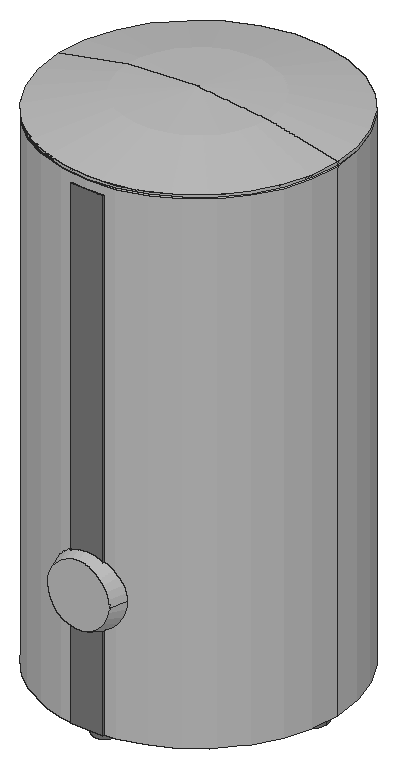
Revit family "VIESSMANN - Vitocell 100-B (CVB.CVBB)", category Wyposażenie mechaniczne, Revit 2017
Family settings
  Wymiar okrągłego złącza = Użyj średnicy
  Typ części = Normalny
  Numer OmniClass = 23.65.35.11.11
  Tytuł OmniClass = Storage Water Heaters
  Oparty na płaszczyźnie roboczej = Nie
  Zawsze pionowo = Tak
  Tnij formami wycięć po wczytaniu = Tak
  Współdzielony = Nie
  Punkt obliczania pomieszczeń = Nie
Parameters (values of type "Zbiornik CVB 400L")
  Średnica - z izolacją cieplną = 859 mm
  Średnica - bez izolacji cieplnej = 650 mm
  Wysokość przyłącza grzałki = 422 mm
  Wysokość króćca zimnej wody użytkowej = 107 mm
  Podział = Średnica z izolacją cieplną  # 859 mm
  Wysokość króćca powrotu wody grzewczej inst. solarnej = 349 mm
  Wysokość króćca zasilania wodą grzewczą inst. solarnej = 804 mm
  Wysokość króćca powrotu wody grzewczej = 924 mm
  Wysokość króćca cyrkulacji = 1044 mm
  Wysokość króćca zasilania wodą grzewczą = 1204 mm
  Wysokość króćca cwu = 1458 mm
  Wysokość z izolacją = 1624 mm
  Szerokość z izolacją = 923 mm
  Średnica z izolacją cieplną = 859 mm
  Zimna woda użytkowa = 1 1/4"
  Wysokość - z izolacją cieplną = 1948 mm
  Wysokość - bez izolacji cieplnej = 1844 mm
  Wymiar przechylenia - z izolacją cieplną = 0 mm
  Wymiar przechylenia - bez izolacji cieplnej = 1550 mm
  Wydajność stała (przy podgrzewie cwu z 10 na 60℃) i temperaturze na zasilaniu wodą grzewczą 90℃ - wężownica górna = 36000 W
  Wydajność stała (przy podgrzewie cwu z 10 na 60℃) i temperaturze na zasilaniu wodą grzewczą 90℃ - wężownica dolna = 56000 W
  Wydajność stała (przy podgrzewie cwu z 10 na 60℃) i temperaturze na zasilaniu wodą grzewczą 80℃ - wężownica górna = 27000 W
  Wydajność stała (przy podgrzewie cwu z 10 na 60℃) i temperaturze na zasilaniu wodą grzewczą 80℃ - wężownica dolna = 42000 W
  Wydajność stała (przy podgrzewie cwu z 10 na 60℃) i temperaturze na zasilaniu wodą grzewczą 70℃ - wężownica górna = 18000 W
  Wydajność stała (przy podgrzewie cwu z 10 na 60℃) i temperaturze na zasilaniu wodą grzewczą 70℃ - wężownica dolna = 29000 W
  Wydajność stała (przy podgrzewie cwu z 10 na 45℃) i temperaturze na zasilaniu wodą grzewczą 90℃ - wężownica górna = 42000 W
  Wydajność stała (przy podgrzewie cwu z 10 na 45℃) i temperaturze na zasilaniu wodą grzewczą 90℃ - wężownica dolna = 63000 W
  Wydajność stała (przy podgrzewie cwu z 10 na 45℃) i temperaturze na zasilaniu wodą grzewczą 80℃ - wężownica górna = 33000 W
  Wydajność stała (przy podgrzewie cwu z 10 na 45℃) i temperaturze na zasilaniu wodą grzewczą 80℃ - wężownica dolna = 52000 W
  Wydajność stała (przy podgrzewie cwu z 10 na 45℃) i temperaturze na zasilaniu wodą grzewczą 70℃ - wężownica górna = 25000 W
  Wydajność stała (przy podgrzewie cwu z 10 na 45℃) i temperaturze na zasilaniu wodą grzewczą 70℃ - wężownica dolna = 39000 W
  Wydajność stała (przy podgrzewie cwu z 10 na 45℃) i temperaturze na zasilaniu wodą grzewczą 60℃ - wężownica górna = 17000 W
  Wydajność stała (przy podgrzewie cwu z 10 na 45℃) i temperaturze na zasilaniu wodą grzewczą 60℃ - wężownica dolna = 27000 W
  Wydajność stała (przy podgrzewie cwu z 10 na 45℃) i temperaturze na zasilaniu wodą grzewczą 50℃ - wężownica górna = 10000 W
  Wydajność stała (przy podgrzewie cwu z 10 na 45℃) i temperaturze na zasilaniu wodą grzewczą 50℃ - wężownica dolna = 13000 W
  Wydajność krótkotrwała przy temperaturze na zasilaniu wodą grzewczą 90℃ = "230 L/10min"
  Wydajność krótkotrwała przy temperaturze na zasilaniu wodą grzewczą 80℃ = "230 L/10min"
  Wydajność krótkotrwała przy temperaturze na zasilaniu wodą grzewczą 70℃ = "210 L/10min"
  Współczynnik mocy NL przy temperaturze na zasilaniu wodą grzewczą 90℃ = 3
  Współczynnik mocy NL przy temperaturze na zasilaniu wodą grzewczą 80℃ = 3
  Współczynnik mocy NL przy temperaturze na zasilaniu wodą grzewczą 70℃ = 2.5
  Viessmann Kolor 3 = Viessmann Kolor 3
  Viessmann Kolor 2 = Viessmann Kolor 2
  Viessmann Kolor 1 = Viessmann Kolor 1
  URL = "https://www.viessmann-projektant.pl/baza-urzadzen/zbiorniki-buforowe-i-cwu/podgrzewaczebiwalentne"
  Szerokość - z izolacją cieplną = 923 mm
  Szerokość - bez izolacji cieplnej = 881 mm
  Przyłącza - górna wężownica grzewcza = 1"  # constant formula
  Przyłącza - grzałka elektryczna = 1 1/2"
  Przyłącza - dolna wężownica grzewcza = 1"
  Przepływ po stronie wody użytkowej = 1.032 m³/h
  Przepływ po stronie wody grzewczej - górna wężownica = 3.00 m³/h  # constant formula
  Przepływ po stronie wody grzewczej - dolna wężownica = 3.00 m³/h  # constant formula
  Przepływ objętościowy wody grzewczej (przy podgrzewie cwu z 10 na 60℃) przy temperaturze na zasilaniu wodą grzewczą 90℃ - wężownica górna = 0.619 m³/h
  Przepływ objętościowy wody grzewczej (przy podgrzewie cwu z 10 na 60℃) przy temperaturze na zasilaniu wodą grzewczą 90℃ - wężownica dolna = 0.963 m³/h
  Przepływ objętościowy wody grzewczej (przy podgrzewie cwu z 10 na 60℃) przy temperaturze na zasilaniu wodą grzewczą 80℃ - wężownica górna = 0.464 m³/h
  Przepływ objętościowy wody grzewczej (przy podgrzewie cwu z 10 na 60℃) przy temperaturze na zasilaniu wodą grzewczą 80℃ - wężownica dolna = 0.722 m³/h
  Przepływ objętościowy wody grzewczej (przy podgrzewie cwu z 10 na 60℃) przy temperaturze na zasilaniu wodą grzewczą 70℃ - wężownica górna = 0.31 m³/h
  Przepływ objętościowy wody grzewczej (przy podgrzewie cwu z 10 na 60℃) przy temperaturze na zasilaniu wodą grzewczą 70℃ - wężownica dolna = 0.499 m³/h
  Przepływ objętościowy wody grzewczej (przy podgrzewie cwu z 10 na 45℃) przy temperaturze na zasilaniu wodą grzewczą 90℃ - wężownica górna = 1.032 m³/h
  Przepływ objętościowy wody grzewczej (przy podgrzewie cwu z 10 na 45℃) przy temperaturze na zasilaniu wodą grzewczą 90℃ - wężownica dolna = 1.548 m³/h
  Przepływ objętościowy wody grzewczej (przy podgrzewie cwu z 10 na 45℃) przy temperaturze na zasilaniu wodą grzewczą 80℃ - wężownica górna = 0.811 m³/h
  Przepływ objętościowy wody grzewczej (przy podgrzewie cwu z 10 na 45℃) przy temperaturze na zasilaniu wodą grzewczą 80℃ - wężownica dolna = 1.278 m³/h
  Przepływ objętościowy wody grzewczej (przy podgrzewie cwu z 10 na 45℃) przy temperaturze na zasilaniu wodą grzewczą 70℃ - wężownica górna = 0.614 m³/h
  Przepływ objętościowy wody grzewczej (przy podgrzewie cwu z 10 na 45℃) przy temperaturze na zasilaniu wodą grzewczą 70℃ - wężownica dolna = 0.958 m³/h
  Przepływ objętościowy wody grzewczej (przy podgrzewie cwu z 10 na 45℃) przy temperaturze na zasilaniu wodą grzewczą 60℃ - wężownica górna = 0.418 m³/h
  Przepływ objętościowy wody grzewczej (przy podgrzewie cwu z 10 na 45℃) przy temperaturze na zasilaniu wodą grzewczą 60℃ - wężownica dolna = 0.663 m³/h
  Przepływ objętościowy wody grzewczej (przy podgrzewie cwu z 10 na 45℃) przy temperaturze na zasilaniu wodą grzewczą 50℃ - wężownica górna = 0.246 m³/h
  Przepływ objętościowy wody grzewczej (przy podgrzewie cwu z 10 na 45℃) przy temperaturze na zasilaniu wodą grzewczą 50℃ - wężownica dolna = 0.319 m³/h
  Przepływ objętościowy wody grzewczej (dla podanych wydajności stałych) = 3.00 m³/h  # constant formula
  Producent = "Viessmann Sp.z.o.o."  # constant formula
  Powierzchnia grzewcza - wężownica górna = 1.0 m²
  Powierzchnia grzewcza - wężownica dolna = 1.5 m²
  Pojemność podgrzewacza = 400.0 L
  Pojemność części dyżurnej Vaux = 167.00 m³
  Pojemność czesci solarnej Vsol = 233.00 m³
  Opory przepływu po stronie wody użytkowej = 200.0 Pa
  Opory przepływu po stronie wody grzewczej - górna wężownica = 18000.0 Pa
  Opory przepływu po stronie wody grzewczej - dolna wężownica = 12000.0 Pa
  Opis indeksowy = "9W241/11-13MC/E"  # constant formula
  Opis = "Podgrzewacz pojemnościowy"  # constant formula
  Objętość wody grzewczej - wężownica górna = 6.5 L
  Objętość wody grzewczej - wężownica dolna = 10.5 L
  Numer identyfikacyjny produktu = "9W241/11-13MC/E"  # constant formula
  Model = "Podgrzewacz pojemnościowy Viessmann Vitocell 100-B CVB 400L / Hot water storage tank Viessmann Vitocell 100-B CVB 400L"
  Masa całkowita z izolacją cieplną = 167.00 kg
  Maks. ilość pobierana przy temperaturze na zasilaniu wodą grzewczą 90℃ = "23 L/min"
  Maks. ilość pobierana przy temperaturze na zasilaniu wodą grzewczą 80℃ = "23 L/min"
  Maks. ilość pobierana przy temperaturze na zasilaniu wodą grzewczą 70℃ = "21 L/min"
  Klasa efektywności energetycznej = "B"  # constant formula
  Ilość ciepła dyżurnego = "1.80 kWh/24h"
  Czas podgrzewu cwu przy tempraturze zasilania wodą grzewczą 90℃ = "17 min"
  Czas podgrzewu cwu przy tempraturze zasilania wodą grzewczą 80℃ = "23 min"
  Czas podgrzewu cwu przy tempraturze zasilania wodą grzewczą 70℃ = "36 min"
  Cyrkulacja = 1"
  Ciepła woda użytkowa = 1 1/4"
  Całkowita masa eksploatacyjna z grzałką elektryczną = 569.00 kg
  Autor = "https://www.archispace.pl/"
Types (6, lengths in mm): name | Średnica - z izolacją cieplną | Średnica - bez izolacji cieplnej | Wysokość przyłącza grzałki | Wysokość króćca zimnej wody użytkowej | Podział | Wysokość króćca powrotu wody grzewczej inst. solarnej | Wysokość króćca zasilania wodą grzewczą inst. solarnej | Wysokość króćca powrotu wody grzewczej | Wysokość króćca cyrkulacji | Wysokość króćca zasilania wodą grzewczą | Wysokość króćca cwu | Wysokość z izolacją | Szerokość z izolacją | Średnica z izolacją cieplną | Zimna woda użytkowa | Wysokość - z izolacją cieplną | Wysokość - bez izolacji cieplnej | Wymiar przechylenia - z izolacją cieplną | Wymiar przechylenia - bez izolacji cieplnej | Wydajność stała (przy podgrzewie cwu z 10 na 60℃) i temperaturze na zasilaniu wodą grzewczą 90℃ - wężownica górna | Wydajność stała (przy podgrzewie cwu z 10 na 60℃) i temperaturze na zasilaniu wodą grzewczą 90℃ - wężownica dolna | Wydajność stała (przy podgrzewie cwu z 10 na 60℃) i temperaturze na zasilaniu wodą grzewczą 80℃ - wężownica górna | Wydajność stała (przy podgrzewie cwu z 10 na 60℃) i temperaturze na zasilaniu wodą grzewczą 80℃ - wężownica dolna | Wydajność stała (przy podgrzewie cwu z 10 na 60℃) i temperaturze na zasilaniu wodą grzewczą 70℃ - wężownica górna | Wydajność stała (przy podgrzewie cwu z 10 na 60℃) i temperaturze na zasilaniu wodą grzewczą 70℃ - wężownica dolna | Wydajność stała (przy podgrzewie cwu z 10 na 45℃) i temperaturze na zasilaniu wodą grzewczą 90℃ - wężownica górna | Wydajność stała (przy podgrzewie cwu z 10 na 45℃) i temperaturze na zasilaniu wodą grzewczą 90℃ - wężownica dolna | Wydajność stała (przy podgrzewie cwu z 10 na 45℃) i temperaturze na zasilaniu wodą grzewczą 80℃ - wężownica górna | Wydajność stała (przy podgrzewie cwu z 10 na 45℃) i temperaturze na zasilaniu wodą grzewczą 80℃ - wężownica dolna | Wydajność stała (przy podgrzewie cwu z 10 na 45℃) i temperaturze na zasilaniu wodą grzewczą 70℃ - wężownica górna | Wydajność stała (przy podgrzewie cwu z 10 na 45℃) i temperaturze na zasilaniu wodą grzewczą 70℃ - wężownica dolna | Wydajność stała (przy podgrzewie cwu z 10 na 45℃) i temperaturze na zasilaniu wodą grzewczą 60℃ - wężownica górna | Wydajność stała (przy podgrzewie cwu z 10 na 45℃) i temperaturze na zasilaniu wodą grzewczą 60℃ - wężownica dolna | Wydajność stała (przy podgrzewie cwu z 10 na 45℃) i temperaturze na zasilaniu wodą grzewczą 50℃ - wężownica górna | Wydajność stała (przy podgrzewie cwu z 10 na 45℃) i temperaturze na zasilaniu wodą grzewczą 50℃ - wężownica dolna | Wydajność krótkotrwała przy temperaturze na zasilaniu wodą grzewczą 90℃ | Wydajność krótkotrwała przy temperaturze na zasilaniu wodą grzewczą 80℃ | Wydajność krótkotrwała przy temperaturze na zasilaniu wodą grzewczą 70℃ | Współczynnik mocy NL przy temperaturze na zasilaniu wodą grzewczą 90℃ | Współczynnik mocy NL przy temperaturze na zasilaniu wodą grzewczą 80℃ | Współczynnik mocy NL przy temperaturze na zasilaniu wodą grzewczą 70℃ | Szerokość - z izolacją cieplną | Szerokość - bez izolacji cieplnej | Przyłącza - grzałka elektryczna | Przyłącza - dolna wężownica grzewcza | Przepływ po stronie wody użytkowej | Przepływ objętościowy wody grzewczej (przy podgrzewie cwu z 10 na 60℃) przy temperaturze na zasilaniu wodą grzewczą 90℃ - wężownica górna | Przepływ objętościowy wody grzewczej (przy podgrzewie cwu z 10 na 60℃) przy temperaturze na zasilaniu wodą grzewczą 90℃ - wężownica dolna | Przepływ objętościowy wody grzewczej (przy podgrzewie cwu z 10 na 60℃) przy temperaturze na zasilaniu wodą grzewczą 80℃ - wężownica górna | Przepływ objętościowy wody grzewczej (przy podgrzewie cwu z 10 na 60℃) przy temperaturze na zasilaniu wodą grzewczą 80℃ - wężownica dolna | Przepływ objętościowy wody grzewczej (przy podgrzewie cwu z 10 na 60℃) przy temperaturze na zasilaniu wodą grzewczą 70℃ - wężownica górna | Przepływ objętościowy wody grzewczej (przy podgrzewie cwu z 10 na 60℃) przy temperaturze na zasilaniu wodą grzewczą 70℃ - wężownica dolna | Przepływ objętościowy wody grzewczej (przy podgrzewie cwu z 10 na 45℃) przy temperaturze na zasilaniu wodą grzewczą 90℃ - wężownica górna | Przepływ objętościowy wody grzewczej (przy podgrzewie cwu z 10 na 45℃) przy temperaturze na zasilaniu wodą grzewczą 90℃ - wężownica dolna | Przepływ objętościowy wody grzewczej (przy podgrzewie cwu z 10 na 45℃) przy temperaturze na zasilaniu wodą grzewczą 80℃ - wężownica górna | Przepływ objętościowy wody grzewczej (przy podgrzewie cwu z 10 na 45℃) przy temperaturze na zasilaniu wodą grzewczą 80℃ - wężownica dolna | Przepływ objętościowy wody grzewczej (przy podgrzewie cwu z 10 na 45℃) przy temperaturze na zasilaniu wodą grzewczą 70℃ - wężownica górna | Przepływ objętościowy wody grzewczej (przy podgrzewie cwu z 10 na 45℃) przy temperaturze na zasilaniu wodą grzewczą 70℃ - wężownica dolna | Przepływ objętościowy wody grzewczej (przy podgrzewie cwu z 10 na 45℃) przy temperaturze na zasilaniu wodą grzewczą 60℃ - wężownica górna | Przepływ objętościowy wody grzewczej (przy podgrzewie cwu z 10 na 45℃) przy temperaturze na zasilaniu wodą grzewczą 60℃ - wężownica dolna | Przepływ objętościowy wody grzewczej (przy podgrzewie cwu z 10 na 45℃) przy temperaturze na zasilaniu wodą grzewczą 50℃ - wężownica górna | Przepływ objętościowy wody grzewczej (przy podgrzewie cwu z 10 na 45℃) przy temperaturze na zasilaniu wodą grzewczą 50℃ - wężownica dolna | Powierzchnia grzewcza - wężownica górna | Powierzchnia grzewcza - wężownica dolna | Pojemność podgrzewacza | Pojemność części dyżurnej Vaux | Pojemność czesci solarnej Vsol | Opory przepływu po stronie wody użytkowej | Opory przepływu po stronie wody grzewczej - górna wężownica | Opory przepływu po stronie wody grzewczej - dolna wężownica | Objętość wody grzewczej - wężownica górna | Objętość wody grzewczej - wężownica dolna | Model | Masa całkowita z izolacją cieplną | Maks. ilość pobierana przy temperaturze na zasilaniu wodą grzewczą 90℃ | Maks. ilość pobierana przy temperaturze na zasilaniu wodą grzewczą 80℃ | Maks. ilość pobierana przy temperaturze na zasilaniu wodą grzewczą 70℃ | Ilość ciepła dyżurnego | Czas podgrzewu cwu przy tempraturze zasilania wodą grzewczą 90℃ | Czas podgrzewu cwu przy tempraturze zasilania wodą grzewczą 80℃ | Czas podgrzewu cwu przy tempraturze zasilania wodą grzewczą 70℃ | Cyrkulacja | Ciepła woda użytkowa | Całkowita masa eksploatacyjna z grzałką elektryczną
  (no name) | 859 | 650 | 422 | 107 | 859 | 349 | 804 | 924 | 1044 | 1204 | 1458 | 1624 | 923 | 859 | 1 1/4" | 1948 | 1844 | 0 | 1550 | 36000 W | 56000 W | 27000 W | 42000 W | 18000 W | 29000 W | 42000 W | 63000 W | 33000 W | 52000 W | 25000 W | 39000 W | 17000 W | 27000 W | 10000 W | 13000 W | "230 L/10min" | "230 L/10min" | "210 L/10min" | 3 | 3 | 2.5 | 923 | 881 | 1 1/2" | 1" | 1.032 m³/h | 0.619 m³/h | 0.963 m³/h | 0.464 m³/h | 0.722 m³/h | 0.31 m³/h | 0.499 m³/h | 1.032 m³/h | 1.548 m³/h | 0.811 m³/h | 1.278 m³/h | 0.614 m³/h | 0.958 m³/h | 0.418 m³/h | 0.663 m³/h | 0.246 m³/h | 0.319 m³/h | 1.0 m² | 1.5 m² | 400.0 L | 167.00 m³ | 233.00 m³ | 200.0 Pa | 18000.0 Pa | 12000.0 Pa | 6.5 L | 10.5 L | "Podgrzewacz pojemnościowy Viessmann Vitocell 100-B CVB 400L / Hot water storage tank Viessmann Vitocell 100-B CVB 400L" | 167.00 kg | "23 L/min" | "23 L/min" | "21 L/min" | "1.80 kWh/24h" | "17 min" | "23 min" | "36 min" | 1" | 1 1/4" | 569.00 kg
  Zbiornik CVBB 950L | 1062 | 790 | 501 | 73 | 1062 | 363 | 983 | 1130 | 1278 | 1760 | 2054 | 2197 | 1110 | 1062 | 1 1/4" | 2197 | 2103 | 0 | 2286 | 67000 W | 85000 W | 56000 W | 71000 W | 42000 W | 53000 W | 90000 W | 122000 W | 75000 W | 101000 W | 58000 W | 78000 W | 41000 W | 56000 W | 31000 W | 42000 W | "600 L/10min" | "600 L/10min" | "550 L/10min" | 11 | 11 | 10 | 1110 | 1005 | 0" | 1 1/4" | 2.221 m³/h | 1.157 m³/h | 1.465 m³/h | 0.96 m³/h | 1.216 m³/h | 0.72 m³/h | 0.912 m³/h | 2.221 m³/h | 2.995 m³/h | 1.84 m³/h | 2.482 m³/h | 1.428 m³/h | 1.926 m³/h | 1.015 m³/h | 1.369 m³/h | 0.76 m³/h | 1.026 m³/h | 2.2 m² | 3.9 m² | 950.0 L | 500.00 m³ | 450.00 m³ | 16000.0 Pa | 19000.0 Pa | 7600.0 Pa | 18.6 L | 33.1 L | "Podgrzewacz pojemnościowy Viessmann Vitocell 100-B CVBB 950L / Hot water storage tank Viessmann Vitocell 100-B CVBB 950L" | 390.00 kg | "60 L/min" | "60 L/min" | "55 L/min" | "2.48 kWh/24h" | "18 min" | "22 min" | "28 min" | 1 1/4" | 1 1/4" | 1342.00 kg
  Zbiornik CVBB 300L | 667 | 0 | 333 | 76 | 667 | 260 | 875 | 995 | 1115 | 1355 | 1600 | 1734 | 744 | 667 | 1" | 1734 | 0 | 1825 | 0 | 23000 W | 45000 W | 20000 W | 34000 W | 15000 W | 23000 W | 31000 W | 53000 W | 26000 W | 44000 W | 20000 W | 33000 W | 15000 W | 23000 W | 11000 W | 18000 W | "173 L/10min" | "168 L/10min" | "164 L/10min" | 1.6 | 1.5 | 1.4 | 744 | 0 | 1 1/2" | 1" | 0.761 m³/h | 0.395 m³/h | 0.774 m³/h | 0.344 m³/h | 0.584 m³/h | 258.00 m³/h | 395.00 m³/h | 0.761 m³/h | 1.302 m³/h | 0.638 m³/h | 1.081 m³/h | 0.491 m³/h | 0.811 m³/h | 0.368 m³/h | 0.565 m³/h | 0.27 m³/h | 0.442 m³/h | 0.9 m² | 1.5 m² | 300.0 L | 127.00 m³ | 173.00 m³ | 200.0 Pa | 13000.0 Pa | 18000.0 Pa | 6.0 L | 10.0 L | "Podgrzewacz pojemnościowy Viessmann Vitocell 100-B CVBB 300L / Hot water storage tank Viessmann Vitocell 100-B CVBB 300L" | 160.00 kg | "17 L/min" | "17 L/min" | "16 L/min" | "1.65 kWh/24h" | "16 min" | "22 min" | "30 min" | 1" | 1" | 468.00 kg
  Zbiornik CVB 500L | 859 | 650 | 422 | 107 | 859 | 349 | 924 | 1044 | 1230 | 1444 | 1784 | 1948 | 923 | 859 | 1 1/4" | 1948 | 1844 | 0 | 1860 | 36000 W | 53000 W | 30000 W | 44000 W | 22000 W | 33000 W | 47000 W | 70000 W | 40000 W | 58000 W | 30000 W | 45000 W | 22000 W | 32000 W | 16000 W | 24000 W | "319 L/10min" | "319 L/10min" | "299 L/10min" | 6 | 6 | 5 | 923 | 881 | 1 1/2" | 1" | 1.154 m³/h | 0.619 m³/h | 0.911 m³/h | 0.516 m³/h | 0.756 m³/h | 0.378 m³/h | 0.567 m³/h | 1.154 m³/h | 1.72 m³/h | 0.982 m³/h | 1.425 m³/h | 0.737 m³/h | 1.106 m³/h | 0.54 m³/h | 0.786 m³/h | 0.393 m³/h | 0.589 m³/h | 1.4 m² | 1.9 m² | 500.0 L | 231.00 m³ | 269.00 m³ | 250.0 Pa | 18000.0 Pa | 20000.0 Pa | 9.0 L | 12.5 L | "Podgrzewacz pojemnościowy Viessmann Vitocell 100-B CVB 500L / Hot water storage tank Viessmann Vitocell 100-B CVB 500L" | 205.00 kg | "32 L/min" | "32 L/min" | "30 L/min" | "1.95 kWh/24h" | "19 min" | "24 min" | "37 min" | 1" | 1 1/4" | 707.00 kg
  Zbiornik CVB 400L | 859 | 650 | 422 | 107 | 859 | 349 | 804 | 924 | 1044 | 1204 | 1458 | 1624 | 923 | 859 | 1 1/4" | 1948 | 1844 | 0 | 1550 | 36000 W | 56000 W | 27000 W | 42000 W | 18000 W | 29000 W | 42000 W | 63000 W | 33000 W | 52000 W | 25000 W | 39000 W | 17000 W | 27000 W | 10000 W | 13000 W | "230 L/10min" | "230 L/10min" | "210 L/10min" | 3 | 3 | 2.5 | 923 | 881 | 1 1/2" | 1" | 1.032 m³/h | 0.619 m³/h | 0.963 m³/h | 0.464 m³/h | 0.722 m³/h | 0.31 m³/h | 0.499 m³/h | 1.032 m³/h | 1.548 m³/h | 0.811 m³/h | 1.278 m³/h | 0.614 m³/h | 0.958 m³/h | 0.418 m³/h | 0.663 m³/h | 0.246 m³/h | 0.319 m³/h | 1.0 m² | 1.5 m² | 400.0 L | 167.00 m³ | 233.00 m³ | 200.0 Pa | 18000.0 Pa | 12000.0 Pa | 6.5 L | 10.5 L | "Podgrzewacz pojemnościowy Viessmann Vitocell 100-B CVB 400L / Hot water storage tank Viessmann Vitocell 100-B CVB 400L" | 167.00 kg | "23 L/min" | "23 L/min" | "21 L/min" | "1.80 kWh/24h" | "17 min" | "23 min" | "36 min" | 1" | 1 1/4" | 569.00 kg
  Zbiornik CVBB 750L | 1062 | 790 | 509 | 74 | 1062 | 373 | 912 | 1044 | 1175 | 1464 | 1749 | 1897 | 1110 | 1062 | 1 1/4" | 1897 | 1797 | 0 | 1980 | 59000 W | 79000 W | 49000 W | 66000 W | 37000 W | 49000 W | 76000 W | 114000 W | 63000 W | 94000 W | 49000 W | 73000 W | 35000 W | 52000 W | 26000 W | 39000 W | "438 L/10min" | "438 L/10min" | "400 L/10min" | 8 | 8 | 7 | 1110 | 1005 | 0" | 1 1/4" | 1.866 m³/h | 1.012 m³/h | 1.359 m³/h | 0.84 m³/h | 1.128 m³/h | 0.63 m³/h | 0.846 m³/h | 1.866 m³/h | 2.79 m³/h | 1.546 m³/h | 2.311 m³/h | 1.20 m³/h | 1.794 m³/h | 0.853 m³/h | 1.275 m³/h | 0.639 m³/h | 0.955 m³/h | 1.6 m² | 3.5 m² | 750.0 L | 365.00 m³ | 385.00 m³ | 700.0 Pa | 19000.0 Pa | 7600.0 Pa | 13.8 L | 29.7 L | "Podgrzewacz pojemnościowy Viessmann Vitocell 100-B CVBB 750L / Hot water storage tank Viessmann Vitocell 100-B CVBB 750L" | 320.00 kg | "44 L/min" | "44 L/min" | "40 L/min" | "2.28 kWh/24h" | "17 min" | "21 min" | "26 min" | 1 1/4" | 1 1/4" | 1072.00 kg
Reference planes
  plane 1 "Środek (Przód/Tył)": y = 0
  plane 2: z = 0
  plane 3 "Środek (Lewa/Prawa)": x = 0
  plane 4: z = 1624
  plane 5: y = 461.5
  plane 6: z = 107
  plane 7: z = 804
  plane 8: z = 349
  plane 9: z = 924
  plane 10: z = 1044
  plane 11: x = -429.5
  plane 12: x = 429.5
  plane 13: y = 429.5
  plane 14: y = -429.5
  plane 15: z = 1204
  plane 16: y = -461.5
  plane 17: z = 1458
  plane 18: z = 422
Forms (mm)
  Extrusion 1, solid, material "Viessmann Kolor 3" <- "Viessmann Kolor 3", detail levels medium+fine
    sketch origin (0, 0, 0) x (1, 0, 0) y (0, 1, 0)
      loop
        circle (0, 354.722) r 40
      loop
        circle (0, -354.722) r 40
      loop
        circle (-354.5, 0) r 40
      loop
        circle (354.5, 0) r 40
    from 0 to 16.857
  Extrusion 2, solid, material "Viessmann Kolor 3" <- "Viessmann Kolor 3", detail levels medium+fine
    sketch origin (0, 0, 0) x (1, 0, 0) y (0, 1, 0)
      loop
        circle (0, 354.722) r 20
      loop
        circle (0, -354.722) r 20
      loop
        circle (-354.5, 0) r 20
      loop
        circle (354.5, 0) r 20
    from 16.857 to 37.823
  Revolve 3, solid, material "Viessmann Kolor 2" <- "Viessmann Kolor 2", detail levels medium+fine
    sketch origin (0, 0, 0) x (1, 0, 0) y (0, 0, 1)
      loop
        line (0, 37.823) -> (0, 1624) -> (-1.163, 1624)
        arc (-1.163, 1624) -> (-217.343, 1609.222) -> (-429.5, 1565.163) r 1588.575
        line (-429.5, 1565.163) -> (-429.5, 37.823) -> (0, 37.823)
      axis (0, 37.823) -> (0, 1624)
    angle from 0 to 360
  Sweep 4, solid, material "Viessmann Kolor 2" <- "Viessmann Kolor 2"
    path origin (0, 0, 0) x (0, 1, 0) y (0, 0, 1)
      loop
        line (0, 724) -> (461.5, 724)
    profile origin (0, 230.75, 724) x (0, 0, 1) y (1, 0, 0)
      loop
        circle (-617, 0) r 15.875
      loop
        circle (-375, 0) r 12.7
      loop
        circle (200, 0) r 12.7
      loop
        circle (320, 0) r 12.7
      loop
        circle (80, 0) r 12.7
      loop
        circle (-617, -100) r 9.525
  Extrusion 5, solid, material "Viessmann Kolor 2" <- "Viessmann Kolor 2"
    sketch origin (0, 0, 0) x (1, 0, 0) y (0, 0, 1)
      loop
        circle (0, 1204) r 12.7
    from -461.5 to 0
  Extrusion 6, solid, material "Viessmann Kolor 2" <- "Viessmann Kolor 2"
    sketch origin (0, 0, 0) x (1, 0, 0) y (0, 0, 1)
      loop
        circle (0, 1458) r 15.875
    from -461.5 to 0
  Sweep 7, solid, material "Viessmann Kolor 2" <- "Viessmann Kolor 2", detail levels medium+fine
    path origin (0, 0, 0) x (0, 1, 0) y (0, 0, 1)
      loop
        line (461.5, 1319) -> (446.5, 1319)
    profile origin (0, 454, 1319) x (0, 0, -1) y (1, 0, 0)
      loop
        line (-139, 20) -> (-156.321, 10) -> (-156.321, -10) -> (-139, -20) -> (-121.679, -10) -> (-121.679, 10) -> (-139, 20)
      loop
        line (115, 25) -> (93.349, 12.5) -> (93.349, -12.5) -> (115, -25) -> (136.651, -12.5) -> (136.651, 12.5) -> (115, 25)
      loop
        line (275, 20) -> (257.679, 10) -> (257.679, -10) -> (275, -20) -> (292.321, -10) -> (292.321, 10) -> (275, 20)
      loop
        line (395, 20) -> (377.679, 10) -> (377.679, -10) -> (395, -20) -> (412.321, -10) -> (412.321, 10) -> (395, 20)
      loop
        line (515, 20) -> (497.679, 10) -> (497.679, -10) -> (515, -20) -> (532.321, -10) -> (532.321, 10) -> (515, 20)
      loop
        line (970, 20) -> (952.679, 10) -> (952.679, -10) -> (970, -20) -> (987.321, -10) -> (987.321, 10) -> (970, 20)
      loop
        line (1212, 20) -> (1194.679, 10) -> (1194.679, -10) -> (1212, -20) -> (1229.321, -10) -> (1229.321, 10) -> (1212, 20)
      loop
        line (1212, -84.795) -> (1199.01, -92.295) -> (1199.01, -107.295) -> (1212, -114.795) -> (1224.99, -107.295) -> (1224.99, -92.295) -> (1212, -84.795)
  Blend 8, solid, material "Viessmann Kolor 2" <- "Viessmann Kolor 2", detail levels medium+fine
    base sketch origin (0, 0, 0) x (1, 0, 0) y (0, 0, 1)
      loop
        circle (0, 422) r 120
    top sketch origin (0, 0, 0) x (1, 0, 0) y (0, 0, 1)
      loop
        circle (0, 422) r 95
    from 392.462 to 461.5
  Sweep 9, void
    path origin (0, 0, 0) x (1, 0, 0) y (0, 1, 0)
      loop
        circle (0, 0) r 429.5
    profile origin (0, 429.5, 0) x (0, -1, 0) y (0, 0, 1)
      loop
        line (0, 1558.477) -> (0, 1553.477) -> (20, 1553.477) -> (20, 1558.477) -> (0, 1558.477)
  Extrusion 10, solid, material "Viessmann Kolor 2" <- "Viessmann Kolor 2", detail levels coarse
    sketch origin (0, 0, 0) x (1, 0, 0) y (0, 1, 0)
      loop
        circle (0, 0) r 429.5
    from 0 to 1624
  Extrusion 11, void
    sketch origin (0, 0, 0) x (1, 0, 0) y (0, 1, 0)
      loop
        line (50, -419.153) -> (-50, -419.153) -> (-50, -429.5) -> (50, -429.5) -> (50, -419.153)
    from 37.823 to 1528.719
  Extrusion 12, solid, material "Viessmann Kolor 3" <- "Viessmann Kolor 3", detail levels medium+fine
    sketch origin (0, 0, 0) x (1, 0, 0) y (0, 1, 0)
      loop
        line (-50, -419.153) -> (-50, -429.5) -> (50, -429.5) -> (50, -419.153) -> (-50, -419.153)
    from 37.823 to 1528.719
Cuts and joins
  Sweep 9, Extrusion 11 cuts Revolve 3
  Extrusion 11 cuts Blend 8
  joined: Revolve 3, Blend 8
  joined: Extrusion 1, Extrusion 2
Dimensions and locks
  "Wysokość z izolacją": plane 4 to level
  level to plane 6 = 107 mm
  level to plane 7 = 804 mm
  level to plane 9 = 924 mm
  level to plane 10 = 1044 mm
  equal spacing: plane 11, plane 3 "Środek (Lewa/Prawa)", plane 12
  "Podział": plane 11 to plane 12
  equal spacing: plane 13, plane 1 "Środek (Przód/Tył)", plane 14
  "Podział": plane 13 to plane 14
  locked: plane 13 to Extrusion 1 sketch curve at 74.778
  locked: Extrusion 1 sketch curve to plane 14 at 74.778
  locked: plane 11 to Extrusion 1 sketch curve at 75
  locked: Extrusion 1 sketch curve to plane 12 at 75
  locked: plane 13 to Extrusion 2 sketch curve at 74.778
  locked: Extrusion 2 sketch curve to plane 12 at 75
  locked: Extrusion 2 sketch curve to plane 14 at 74.778
  locked: plane 11 to Extrusion 2 sketch curve at 75
  "Wysokość króćca cyrkulacji": plane 10 to level
  "Wysokość króćca powrotu wody grzewczej": plane 9 to level
  "Wysokość króćca zasilania wodą grzewczą inst. solarnej": plane 7 to level
  "Wysokość króćca powrotu wody grzewczej inst. solarnej": plane 8 to level
  "Wysokość króćca zimnej wody użytkowej": plane 6 to level
  "Wysokość króćca zasilania wodą grzewczą": plane 15 to level
  "Szerokość z izolacją": plane 5 to plane 16
  equal spacing: plane 5, plane 1 "Środek (Przód/Tył)", plane 16
  "Wysokość króćca cwu": plane 17 to level
  locked: Sweep 7 sketch curve to Sweep 7 sketch curve at 15
  locked: Blend 8 to plane 16 at 69.038
  Sweep 9 sketch curve to Sweep 9 sketch curve to Revolve 3 = 5 mm locked, 6.685 mm locked
  Extrusion 11 sketch curve to Extrusion 11 sketch curve to plane 14 = 10.347 mm locked, 0 mm locked
  locked: plane 4 to Extrusion 12 at 95.281
  "Wysokość przyłącza grzałki": plane 18 to level
  "Ciepła woda użytkowa": diameter of Extrusion 6 sketch curve
  "Przyłącza - górna wężownica grzewcza": diameter of Extrusion 5 sketch curve
  "Cyrkulacja": diameter of Sweep 4 sketch curve
  "Przyłącza - górna wężownica grzewcza": diameter of Sweep 4 sketch curve
  "Przyłącza - dolna wężownica grzewcza": diameter of Sweep 4 sketch curve  (x2)
  "Zimna woda użytkowa": diameter of Sweep 4 sketch curve
  diameter of Sweep 4 sketch curve = 19.05 mm
  "Średnica z izolacją cieplną": diameter of Sweep 9 sketch curve
  "Średnica z izolacją cieplną": diameter of Extrusion 10 sketch curve
  aligned and locked: level to plane 2
  aligned and locked: plane 11 to Revolve 3 sketch curve
  aligned and locked: Revolve 3 sketch curve to plane 4
  aligned and locked: plane 1 "Środek (Przód/Tył)" to Sweep 4 sketch curve
  aligned and locked: plane 5 to Sweep 4 sketch curve
  aligned and locked: plane 10 to Sweep 4 sketch curve
  aligned and locked: plane 3 "Środek (Lewa/Prawa)" to Sweep 4 sketch curve  (x5)
  aligned and locked: plane 9 to Sweep 4 sketch curve
  aligned and locked: plane 8 to Sweep 4 sketch curve
  aligned and locked: plane 6 to Sweep 4 sketch curve  (x2)
  aligned and locked: plane 7 to Sweep 4 sketch curve
  aligned and locked: plane 3 "Środek (Lewa/Prawa)" to Extrusion 5 sketch curve
  aligned and locked: plane 15 to Extrusion 5 sketch curve
  aligned and locked: plane 5 to Extrusion 5
  aligned and locked: plane 1 "Środek (Przód/Tył)" to Extrusion 5
  aligned and locked: plane 3 "Środek (Lewa/Prawa)" to Extrusion 6 sketch curve
  aligned and locked: plane 17 to Extrusion 6 sketch curve
  aligned and locked: plane 5 to Extrusion 6
  aligned and locked: plane 1 "Środek (Przód/Tył)" to Extrusion 6
  aligned and locked: plane 5 to Sweep 7 sketch curve
  aligned and locked: plane 8 to Sweep 7 sketch curve  (x2)
  aligned and locked: plane 7 to Sweep 7 sketch curve  (x2)
  aligned and locked: plane 9 to Sweep 7 sketch curve  (x2)
  aligned and locked: plane 10 to Sweep 7 sketch curve  (x2)
  aligned and locked: plane 15 to Sweep 7 sketch curve  (x2)
  aligned and locked: plane 17 to Sweep 7 sketch curve  (x2)
  aligned and locked: plane 6 to Sweep 7 sketch curve  (x2)
  aligned and locked: Blend 8 to plane 16
  aligned and locked: plane 1 "Środek (Przód/Tył)" to Sweep 9 sketch curve
  aligned and locked: plane 3 "Środek (Lewa/Prawa)" to Sweep 9 sketch curve
  aligned and locked: plane 1 "Środek (Przód/Tył)" to Extrusion 10 sketch curve
  aligned and locked: plane 3 "Środek (Lewa/Prawa)" to Extrusion 10 sketch curve
  aligned and locked: plane 4 to Extrusion 10
  aligned and locked: Extrusion 10 to level
  aligned and locked: cut or joined group of Revolve 3, Blend 8, Sweep 9, Extrusion 11 to Extrusion 11
  aligned and locked: Extrusion 12 sketch curve to cut or joined group of Revolve 3, Blend 8, Sweep 9, Extrusion 11  (x3)
  aligned and locked: cut or joined group of Revolve 3, Blend 8, Sweep 9, Extrusion 11 to Extrusion 12
  aligned and locked: Extrusion 12 to cut or joined group of Revolve 3, Blend 8, Sweep 9, Extrusion 11
  aligned and locked: plane 18 to Blend 8 sketch curve  (x2)
Automatic sketch dimensions
  Extrusion 1 sketch curve to plane 3 "Środek (Lewa/Prawa)" = 0 mm  (x2)
  plane 1 "Środek (Przód/Tył)" to Extrusion 1 sketch curve = 0 mm  (x2)
  plane 1 "Środek (Przód/Tył)" to Extrusion 2 sketch curve = 0 mm  (x2)
  Extrusion 2 sketch curve to plane 3 "Środek (Lewa/Prawa)" = 0 mm  (x2)
  Revolve 3 sketch curve to plane 3 "Środek (Lewa/Prawa)" = 0 mm  (x2)
  Revolve 3 sketch curve to plane 4 = 0 mm
  Revolve 3 sketch curve to Revolve 3 sketch curve = 1.163 mm
  level to Revolve 3 sketch curve = 37.823 mm
  Revolve 3 sketch curve to Revolve 3 sketch curve = 2.397 mm
  Revolve 3 sketch curve to Revolve 3 sketch curve = 0 mm
  Sweep 4 sketch curve to plane 7 = 80 mm
  plane 15 to Sweep 7 sketch curve = 115 mm
  Sweep 7 sketch curve to Sweep 7 sketch curve = 17.321 mm  (x13)
  Sweep 7 sketch curve to plane 3 "Środek (Lewa/Prawa)" = 10 mm  (x12)
  plane 3 "Środek (Lewa/Prawa)" to Sweep 7 sketch curve = 20 mm  (x6)
  Sweep 7 sketch curve to plane 3 "Środek (Lewa/Prawa)" = 20 mm  (x6)
  Sweep 7 sketch curve to plane 3 "Środek (Lewa/Prawa)" = 12.5 mm  (x2)
  plane 3 "Środek (Lewa/Prawa)" to Sweep 7 sketch curve = 25 mm
  Sweep 7 sketch curve to Sweep 7 sketch curve = 21.651 mm  (x2)
  Sweep 7 sketch curve to plane 3 "Środek (Lewa/Prawa)" = 25 mm
  plane 3 "Środek (Lewa/Prawa)" to Sweep 7 sketch curve = 10 mm  (x12)
  Sweep 7 sketch curve to Sweep 7 sketch curve = 4.33 mm
  Sweep 7 sketch curve to plane 3 "Środek (Lewa/Prawa)" = 84.795 mm
  Sweep 7 sketch curve to plane 3 "Środek (Lewa/Prawa)" = 114.795 mm
  Sweep 7 sketch curve to Sweep 7 sketch curve = 12.99 mm  (x2)
  Sweep 7 sketch curve to plane 3 "Środek (Lewa/Prawa)" = 92.295 mm
  Sweep 7 sketch curve to Sweep 7 sketch curve = 15 mm  (x2)
  Sweep 7 sketch curve to Sweep 7 sketch curve = 7.5 mm
  plane 3 "Środek (Lewa/Prawa)" to Sweep 7 sketch curve = 12.5 mm  (x2)
  Blend 8 sketch curve to plane 3 "Środek (Lewa/Prawa)" = 0 mm  (x2)
  Sweep 9 sketch curve to profile plane = 0 mm
  Sweep 9 sketch curve to profile plane = 20 mm
  Extrusion 11 sketch curve to plane 3 "Środek (Lewa/Prawa)" = 50 mm
  plane 3 "Środek (Lewa/Prawa)" to Extrusion 11 sketch curve = 50 mm
  Extrusion 12 sketch curve to plane 14 = 0 mm
  Sweep 4 sketch curve to plane 3 "Środek (Lewa/Prawa)" = 100 mm
  radius of Extrusion 1 sketch curve = 40 mm  (x4)
  radius of Extrusion 2 sketch curve = 20 mm  (x4)
  radius of Blend 8 sketch curve = 120 mm
  radius of Blend 8 sketch curve = 95 mm
Connectors
  piping at (-100, 461.5, 107), diameter 19.1
    settings: on Sweep 4, index 15, connector inside diameter 24", connector length 0 mm, flow factor 0, pipe flow 0.00 m³/h, pressure drop 0.0 Pa, fitting loss kfactor 0, connector angle 0.00°, fixture units 0, engagement length 0 mm, angle of deflection 0.00°, flow configuration 0, flow direction 0, fitting loss method 0, system type 28, joint type 0, gender type 0, connector reference index -1, connector utility 0, adjustable connector no, is connector primary yes, connector description ""
  piping at (0, 461.5, 107), diameter 31.75, driven by "Zimna woda użytkowa", driven by "Przepływ po stronie wody użytkowej", driven by "Opory przepływu po stronie wody użytkowej"
    settings: on Sweep 4, index 16, connector inside diameter 24", connector length 0 mm, flow factor 0, pipe flow 1.032 m³/h, pressure drop 200.0 Pa, fitting loss kfactor 0, connector angle 0.00°, fixture units 0, engagement length 0 mm, angle of deflection 0.00°, flow configuration 0, flow direction 1, fitting loss method 4, system type 7, joint type 0, gender type 0, connector reference index -1, connector utility 0, adjustable connector no, is connector primary no, connector description ""
  piping at (0, 461.5, 349), diameter 25.4, driven by "Przyłącza - dolna wężownica grzewcza", driven by "Przepływ po stronie wody grzewczej - dolna wężownica", driven by "Opory przepływu po stronie wody grzewczej - dolna wężownica"
    settings: on Sweep 4, index 17, connector inside diameter 24", connector length 0 mm, flow factor 0, pipe flow 3.00 m³/h, pressure drop 12000.0 Pa, fitting loss kfactor 0, connector angle 0.00°, fixture units 0, engagement length 0 mm, angle of deflection 0.00°, flow configuration 0, flow direction 1, fitting loss method 4, system type 8, joint type 0, gender type 0, connector reference index -1, connector utility 0, adjustable connector no, is connector primary no, connector description ""
  piping at (0, 461.5, 804), diameter 25.4, driven by "Przyłącza - dolna wężownica grzewcza", driven by "Przepływ po stronie wody grzewczej - dolna wężownica", driven by "Opory przepływu po stronie wody grzewczej - dolna wężownica"
    settings: on Sweep 4, index 18, connector inside diameter 24", connector length 0 mm, flow factor 0, pipe flow 3.00 m³/h, pressure drop 12000.0 Pa, fitting loss kfactor 0, connector angle 0.00°, fixture units 0, engagement length 0 mm, angle of deflection 0.00°, flow configuration 0, flow direction 2, fitting loss method 4, system type 7, joint type 0, gender type 0, connector reference index -1, connector utility 0, adjustable connector no, is connector primary no, connector description ""
  piping at (0, 461.5, 1044), diameter 25.4, driven by "Cyrkulacja"
    settings: on Sweep 4, index 19, connector inside diameter 24", connector length 0 mm, flow factor 0, pipe flow 0.00 m³/h, pressure drop 0.0 Pa, fitting loss kfactor 0, connector angle 0.00°, fixture units 0, engagement length 0 mm, angle of deflection 0.00°, flow configuration 0, flow direction 2, fitting loss method 2, system type 7, joint type 0, gender type 0, connector reference index -1, connector utility 0, adjustable connector no, is connector primary no, connector description ""
  piping at (0, 461.5, 924), diameter 25.4, driven by "Przyłącza - dolna wężownica grzewcza", driven by "Przepływ po stronie wody grzewczej - górna wężownica", driven by "Opory przepływu po stronie wody grzewczej - górna wężownica"
    settings: on Sweep 4, index 20, connector inside diameter 24", connector length 0 mm, flow factor 0, pipe flow 3.00 m³/h, pressure drop 18000.0 Pa, fitting loss kfactor 0, connector angle 0.00°, fixture units 0, engagement length 0 mm, angle of deflection 0.00°, flow configuration 0, flow direction 1, fitting loss method 4, system type 8, joint type 0, gender type 0, connector reference index -1, connector utility 0, adjustable connector no, is connector primary no, connector description ""
  piping at (0, 461.5, 1204), diameter 25.4, driven by "Przyłącza - górna wężownica grzewcza"
    settings: on Extrusion 5, index 21, connector inside diameter 24", connector length 0 mm, flow factor 0, pipe flow 0.00 m³/h, pressure drop 0.0 Pa, fitting loss kfactor 0, connector angle 0.00°, fixture units 0, engagement length 0 mm, angle of deflection 0.00°, flow configuration 0, flow direction 0, fitting loss method 0, system type 7, joint type 0, gender type 0, connector reference index -1, connector utility 0, adjustable connector no, is connector primary no, connector description ""
  piping at (0, 461.5, 1458), diameter 31.75, driven by "Ciepła woda użytkowa", driven by "Przepływ po stronie wody użytkowej", driven by "Opory przepływu po stronie wody użytkowej"
    settings: on Extrusion 6, index 22, connector inside diameter 24", connector length 0 mm, flow factor 0, pipe flow 1.032 m³/h, pressure drop 200.0 Pa, fitting loss kfactor 0, connector angle 0.00°, fixture units 0, engagement length 0 mm, angle of deflection 0.00°, flow configuration 0, flow direction 2, fitting loss method 4, system type 19, joint type 0, gender type 0, connector reference index -1, connector utility 0, adjustable connector no, is connector primary no, connector description ""
